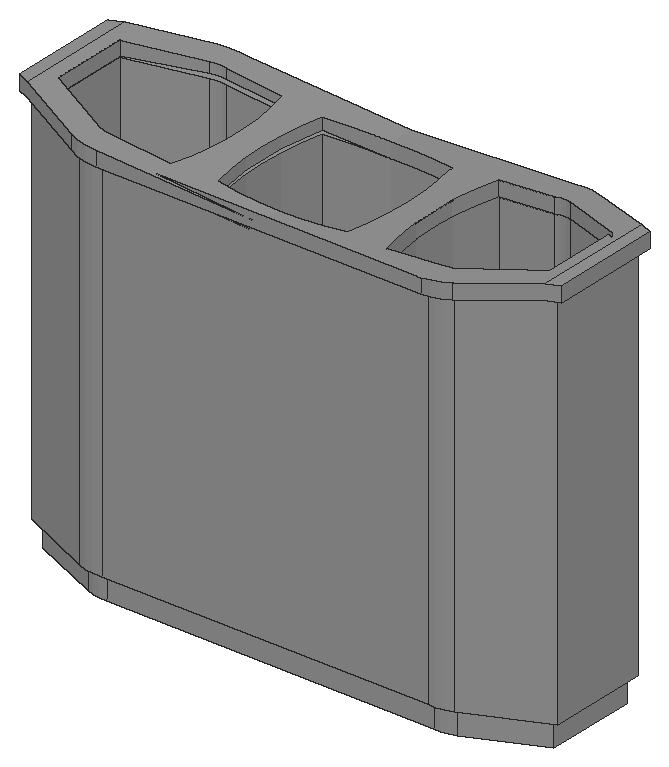
Revit family "Урна «Волна» Арт 13931", category Антураж, Revit 2018
Family settings
  На основе рабочей плоскости = Нет
  Всегда вертикально = Да
  При загрузке вырезать с полостями = Нет
  Источник визуального образа = Геометрия семейства
  Общий = Нет
  Точка расчета площади = Нет
Parameters (values of type "Урна «Волна». 3-х секционная")
  Ширина = 380 mm  # constant formula
  Цвет урны = Сталь
  Цвет крышки = Черный
  Описание = "Урна «Волна». 3-х секционная"  # constant formula
  Материал изделия = "Сталь"  # constant formula
  Изображение типоразмера = Урна «Волна» Арт 13931.jpg
  Изготовитель = "ООО «Хоббика»"  # constant formula
  Длина = 1080 mm  # constant formula
  Группа модели = "Уличные урны"  # constant formula
  Высота = 844 mm  # constant formula
  Артикул товара = "Арт 13931"  # constant formula
  URL = "https://hobbyka.ru/product/urna_iz_nerzhaveyushchey_stali_volna/"
Reference planes
  plane 1 "По центру (Вперед/Назад)": y = 0
  plane 2: z = 0
  plane 3 "По центру (Влево/Вправо)": x = 0
  plane 4: x = 1080
  plane 5: y = 380
  plane 6: z = 844
Forms (mm)
  Extrusion 1, solid, material "Черный" <- "Цвет крышки"
    sketch origin (0, 0, 0) x (1, 0, 0) y (0, 1, 0)
      loop
        line (0, 300) -> (0, 80) -> (159.87, 8.821)
        arc (159.87, 8.821) -> (187.137, 0.744) -> (215.565, 0) r 108.934
        line (215.565, 0) -> (864.435, 0)
        arc (864.435, 0) -> (892.863, 0.744) -> (920.13, 8.821) r 108.934
        line (920.13, 8.821) -> (1080, 80) -> (1080, 300) -> (920.13, 371.179)
        arc (920.13, 371.179) -> (892.863, 379.256) -> (864.435, 380) r 108.934
        line (864.435, 380) -> (215.565, 380)
        arc (215.565, 380) -> (187.137, 379.256) -> (159.87, 371.179) r 108.934
        line (159.87, 371.179) -> (0, 300)
      loop
        arc (212.543, 330) -> (196.058, 330.035) -> (180.207, 325.502) r 58.934
        line (180.207, 325.502) -> (50, 267.53) -> (50, 112.47) -> (180.207, 54.498)
        arc (180.207, 54.498) -> (196.058, 49.965) -> (212.543, 50) r 58.934
        line (212.543, 50) -> (325, 50)
        arc (325, 50) -> (343.643, 190) -> (325, 330) r 535
        line (325, 330) -> (212.543, 330)
      loop
        arc (899.793, 325.502) -> (883.942, 330.035) -> (867.457, 330) r 58.934
        line (867.457, 330) -> (755, 330)
        arc (755, 330) -> (736.357, 190) -> (755, 50) r 535
        line (755, 50) -> (867.457, 50)
        arc (867.457, 50) -> (883.942, 49.965) -> (899.793, 54.498) r 58.934
        line (899.793, 54.498) -> (1030, 112.47) -> (1030, 267.53) -> (899.793, 325.502)
      loop
        arc (410.588, 319.879) -> (396.744, 190) -> (410.588, 60.121) r 616.181
        arc (410.588, 60.121) -> (539.972, 49.972) -> (669.371, 59.931) r 837.61
        arc (669.371, 59.931) -> (683.256, 190) -> (669.371, 320.069) r 616.181
        arc (669.371, 320.069) -> (539.972, 330.028) -> (410.588, 319.879) r 837.61
    from 768.44 to 844
  Extrusion 2, void
    sketch origin (0, 0, 0) x (1, 0, 0) y (0, 0, 1)
      loop
        line (1055, 844) -> (25, 844)
        arc (25, 844) -> (540, 802.69) -> (1055, 844) r 3230.804
      loop
        line (20.218, 814.384) -> (0, 814.384) -> (0, 768.44) -> (1080, 768.44) -> (1080, 814.384) -> (1059.782, 814.384)
        arc (1059.782, 814.384) -> (540, 772.69) -> (20.218, 814.384) r 3260.804
    from 72.241 to -426.931
  Extrusion 3, solid, material "Сталь" <- "Цвет урны"
    sketch origin (-2360, 0, 0) x (1, 0, 0) y (0, 1, 0)
      loop
        line (3225.251, 365) -> (2574.749, 365)
        arc (2574.749, 365) -> (2549.857, 364.499) -> (2525.972, 357.476) r 93.934
        line (2525.972, 357.476) -> (2375, 290.259) -> (2375, 89.741) -> (2525.972, 22.524)
        arc (2525.972, 22.524) -> (2549.857, 15.501) -> (2574.749, 15) r 93.934
        line (2574.749, 15) -> (3225.251, 15)
        arc (3225.251, 15) -> (3250.143, 15.501) -> (3274.028, 22.524) r 93.934
        line (3274.028, 22.524) -> (3425, 89.741) -> (3425, 290.259) -> (3274.028, 357.476)
        arc (3274.028, 357.476) -> (3250.143, 364.499) -> (3225.251, 365) r 93.934
      loop
        arc (3115, 330) -> (3096.357, 190) -> (3115, 50) r 535
        line (3115, 50) -> (3227.457, 50)
        arc (3227.457, 50) -> (3243.942, 49.965) -> (3259.793, 54.498) r 58.934
        line (3259.793, 54.498) -> (3390, 112.47) -> (3390, 267.53) -> (3259.793, 325.502)
        arc (3259.793, 325.502) -> (3243.942, 330.035) -> (3227.457, 330) r 58.934
        line (3227.457, 330) -> (3115, 330)
      loop
        arc (2770.588, 319.879) -> (2756.744, 190) -> (2770.588, 60.121) r 616.181
        arc (2770.588, 60.121) -> (2899.972, 49.972) -> (3029.371, 59.931) r 837.61
        arc (3029.371, 59.931) -> (3043.256, 190) -> (3029.371, 320.069) r 616.181
        arc (3029.371, 320.069) -> (2899.972, 330.028) -> (2770.588, 319.879) r 837.61
      loop
        arc (2572.543, 330) -> (2556.058, 330.035) -> (2540.207, 325.502) r 58.934
        line (2540.207, 325.502) -> (2410, 267.53) -> (2410, 112.47) -> (2540.207, 54.498)
        arc (2540.207, 54.498) -> (2556.058, 49.965) -> (2572.543, 50) r 58.934
        line (2572.543, 50) -> (2685, 50)
        arc (2685, 50) -> (2703.643, 190) -> (2685, 330) r 535
        line (2685, 330) -> (2572.543, 330)
    from 50 to 874.384
  Extrusion 4, void
    sketch origin (0, 0, 0) x (1, 0, 0) y (0, 0, 1)
      loop
        arc (20.218, 814.384) -> (540, 772.69) -> (1059.782, 814.384) r 3260.804
        line (1059.782, 814.384) -> (1080, 814.384) -> (1080, 874.384) -> (0, 874.384) -> (0, 814.384) -> (20.218, 814.384)
    from 72.241 to -426.931
  Extrusion 5, solid, material "Сталь" <- "Цвет урны"
    sketch origin (-5200.021, 0, 0) x (1, 0, 0) y (0, 1, 0)
      loop
        line (6066.134, 350) -> (5413.866, 350)
        arc (5413.866, 350) -> (5392.545, 349.735) -> (5372.073, 343.773) r 78.934
        line (5372.073, 343.773) -> (5230, 280.518) -> (5230, 99.482) -> (5372.073, 36.227)
        arc (5372.073, 36.227) -> (5392.545, 30.265) -> (5413.866, 30) r 78.934
        line (5413.866, 30) -> (6066.134, 30)
        arc (6066.134, 30) -> (6087.455, 30.265) -> (6107.927, 36.227) r 78.934
        line (6107.927, 36.227) -> (6250, 99.482) -> (6250, 280.518) -> (6107.927, 343.773)
        arc (6107.927, 343.773) -> (6087.455, 349.735) -> (6066.134, 350) r 78.934
    from 0 to 50
Cuts and joins
  Extrusion 2 cuts Extrusion 1
  Extrusion 4 cuts Extrusion 3
Dimensions and locks
  "Длина": plane 3 "По центру (Влево/Вправо)" to plane 4
  "Ширина": plane 5 to plane 1 "По центру (Вперед/Назад)"
  "Высота": plane 6 to plane 2
  aligned and locked: level to plane 2
Automatic sketch dimensions
  Extrusion 1 sketch curve to Extrusion 1 sketch curve = 0 mm  (x9)
  Extrusion 1 sketch curve to plane 3 "По центру (Влево/Вправо)" = 0 mm
  Extrusion 1 sketch curve to plane 5 = 0 mm
  plane 1 "По центру (Вперед/Назад)" to Extrusion 1 sketch curve = 0 mm
  Extrusion 1 sketch curve to plane 4 = 0 mm
  Extrusion 1 sketch curve to plane 3 "По центру (Влево/Вправо)" = 191.357 mm
  plane 3 "По центру (Влево/Вправо)" to Extrusion 1 sketch curve = 50 mm
  plane 3 "По центру (Влево/Вправо)" to Extrusion 1 sketch curve = 67.075 mm
  Extrusion 1 sketch curve to plane 5 = 8.821 mm  (x2)
  Extrusion 1 sketch curve to Extrusion 1 sketch curve = 109.87 mm  (x2)
  Extrusion 1 sketch curve to plane 1 "По центру (Вперед/Назад)" = 8.821 mm  (x2)
  Extrusion 1 sketch curve to plane 5 = 54.498 mm  (x2)
  Extrusion 1 sketch curve to Extrusion 1 sketch curve = 20.337 mm  (x2)
  Extrusion 1 sketch curve to plane 1 "По центру (Вперед/Назад)" = 54.498 mm  (x2)
  Extrusion 1 sketch curve to Extrusion 1 sketch curve = 23.971 mm  (x2)
  Extrusion 1 sketch curve to Extrusion 1 sketch curve = 32.336 mm  (x4)
  Extrusion 1 sketch curve to Extrusion 1 sketch curve = 3.021 mm  (x4)
  Extrusion 1 sketch curve to Extrusion 1 sketch curve = 112.457 mm  (x2)
  Extrusion 1 sketch curve to plane 4 = 539.412 mm  (x2)
  Extrusion 1 sketch curve to plane 5 = 50 mm
  Extrusion 1 sketch curve to plane 4 = 325 mm
  Extrusion 1 sketch curve to plane 1 "По центру (Вперед/Назад)" = 50 mm
  Extrusion 1 sketch curve to Extrusion 1 sketch curve = 109.435 mm  (x2)
  Extrusion 1 sketch curve to Extrusion 1 sketch curve = 8.366 mm  (x2)
  Extrusion 1 sketch curve to plane 4 = 67.075 mm
  Extrusion 1 sketch curve to plane 4 = 50 mm
  plane 4 to Extrusion 1 sketch curve = 191.357 mm
  plane 1 "По центру (Вперед/Назад)" to Extrusion 1 sketch curve = 507.581 mm
  Extrusion 1 sketch curve to plane 1 "По центру (Вперед/Назад)" = 80 mm  (x2)
  Extrusion 1 sketch curve to Extrusion 1 sketch curve = 32.47 mm  (x4)
  Extrusion 1 sketch curve to Extrusion 1 sketch curve = 77.53 mm  (x4)
  plane 5 to Extrusion 1 sketch curve = 507.581 mm
  Extrusion 1 sketch curve to Extrusion 1 sketch curve = 85.588 mm  (x2)
  Extrusion 1 sketch curve to plane 5 = 60.121 mm
  Extrusion 1 sketch curve to plane 5 = 59.931 mm
  Extrusion 2 sketch curve to Extrusion 2 sketch curve = 0 mm  (x2)
  Extrusion 2 sketch curve to plane 3 "По центру (Влево/Вправо)" = 0 mm
  Extrusion 2 sketch curve to plane 6 = 0 mm
  Extrusion 2 sketch curve to plane 4 = 0 mm
  plane 3 "По центру (Влево/Вправо)" to Extrusion 2 sketch curve = 20.218 mm
  plane 3 "По центру (Влево/Вправо)" to Extrusion 2 sketch curve = 25 mm
  plane 3 "По центру (Влево/Вправо)" to Extrusion 2 sketch curve = 540 mm
  Extrusion 2 sketch curve to Extrusion 2 sketch curve = 20.218 mm
  Extrusion 2 sketch curve to plane 6 = 29.616 mm
  Extrusion 2 sketch curve to Extrusion 2 sketch curve = 45.944 mm
  plane 6 to Extrusion 2 sketch curve = 3189.494 mm
  Extrusion 3 sketch curve to Extrusion 3 sketch curve = 0 mm  (x9)
  Extrusion 3 sketch curve to plane 3 "По центру (Влево/Вправо)" = 191.357 mm
  plane 3 "По центру (Влево/Вправо)" to Extrusion 3 sketch curve = 15 mm
  Extrusion 3 sketch curve to Extrusion 3 sketch curve = 35 mm
  plane 3 "По центру (Влево/Вправо)" to Extrusion 3 sketch curve = 67.075 mm
  Extrusion 3 sketch curve to plane 1 "По центру (Вперед/Назад)" = 22.524 mm  (x2)
  Extrusion 3 sketch curve to Extrusion 3 sketch curve = 115.972 mm  (x2)
  Extrusion 3 sketch curve to plane 5 = 22.524 mm  (x2)
  Extrusion 3 sketch curve to plane 1 "По центру (Вперед/Назад)" = 54.498 mm  (x2)
  Extrusion 3 sketch curve to Extrusion 3 sketch curve = 14.236 mm  (x2)
  Extrusion 3 sketch curve to plane 5 = 54.498 mm  (x2)
  Extrusion 3 sketch curve to Extrusion 3 sketch curve = 23.971 mm  (x2)
  Extrusion 3 sketch curve to Extrusion 3 sketch curve = 32.336 mm  (x4)
  Extrusion 3 sketch curve to plane 5 = 15 mm
  Extrusion 3 sketch curve to Extrusion 3 sketch curve = 2.206 mm  (x4)
  Extrusion 3 sketch curve to plane 1 "По центру (Вперед/Назад)" = 15 mm
  Extrusion 3 sketch curve to Extrusion 3 sketch curve = 112.457 mm  (x2)
  Extrusion 3 sketch curve to plane 4 = 539.412 mm  (x2)
  Extrusion 3 sketch curve to plane 5 = 50 mm
  Extrusion 3 sketch curve to plane 4 = 325 mm
  Extrusion 3 sketch curve to plane 1 "По центру (Вперед/Назад)" = 50 mm
  Extrusion 3 sketch curve to Extrusion 3 sketch curve = 110.251 mm  (x2)
  Extrusion 3 sketch curve to Extrusion 3 sketch curve = 8.366 mm  (x2)
  Extrusion 3 sketch curve to plane 4 = 67.075 mm
  Extrusion 3 sketch curve to plane 4 = 50 mm
  Extrusion 3 sketch curve to plane 4 = 15 mm
  plane 4 to Extrusion 3 sketch curve = 191.357 mm
  plane 1 "По центру (Вперед/Назад)" to Extrusion 3 sketch curve = 507.581 mm
  Extrusion 3 sketch curve to plane 1 "По центру (Вперед/Назад)" = 89.741 mm  (x2)
  Extrusion 3 sketch curve to Extrusion 3 sketch curve = 22.729 mm  (x4)
  Extrusion 3 sketch curve to Extrusion 3 sketch curve = 77.53 mm  (x4)
  plane 5 to Extrusion 3 sketch curve = 507.581 mm
  Extrusion 3 sketch curve to Extrusion 3 sketch curve = 85.588 mm  (x2)
  Extrusion 3 sketch curve to plane 1 "По центру (Вперед/Назад)" = 60.121 mm
  Extrusion 3 sketch curve to plane 1 "По центру (Вперед/Назад)" = 59.931 mm
  Extrusion 4 sketch curve to plane 3 "По центру (Влево/Вправо)" = 0 mm
  Extrusion 4 sketch curve to plane 4 = 0 mm
  Extrusion 4 sketch curve to Extrusion 4 sketch curve = 20.218 mm  (x2)
  plane 3 "По центру (Влево/Вправо)" to Extrusion 4 sketch curve = 540 mm
  Extrusion 4 sketch curve to plane 6 = 29.616 mm
  plane 6 to Extrusion 4 sketch curve = 30.384 mm
  plane 6 to Extrusion 4 sketch curve = 3189.494 mm
  Extrusion 5 sketch curve to plane 5 = 99.482 mm  (x2)
  Extrusion 5 sketch curve to plane 4 = 1050.021 mm
  Extrusion 5 sketch curve to plane 5 = 36.227 mm  (x2)
  Extrusion 5 sketch curve to Extrusion 5 sketch curve = 142.073 mm  (x3)
  Extrusion 5 sketch curve to plane 1 "По центру (Вперед/Назад)" = 36.227 mm  (x2)
  Extrusion 5 sketch curve to Extrusion 5 sketch curve = 32.105 mm  (x2)
  Extrusion 5 sketch curve to plane 5 = 30 mm
  Extrusion 5 sketch curve to Extrusion 5 sketch curve = 41.793 mm  (x4)
  Extrusion 5 sketch curve to plane 1 "По центру (Вперед/Назад)" = 30 mm
  Extrusion 5 sketch curve to Extrusion 5 sketch curve = 652.269 mm
  Extrusion 5 sketch curve to Extrusion 5 sketch curve = 0 mm
  Extrusion 5 sketch curve to Extrusion 5 sketch curve = 9.688 mm  (x2)
  Extrusion 5 sketch curve to plane 1 "По центру (Вперед/Назад)" = 99.482 mm  (x2)
